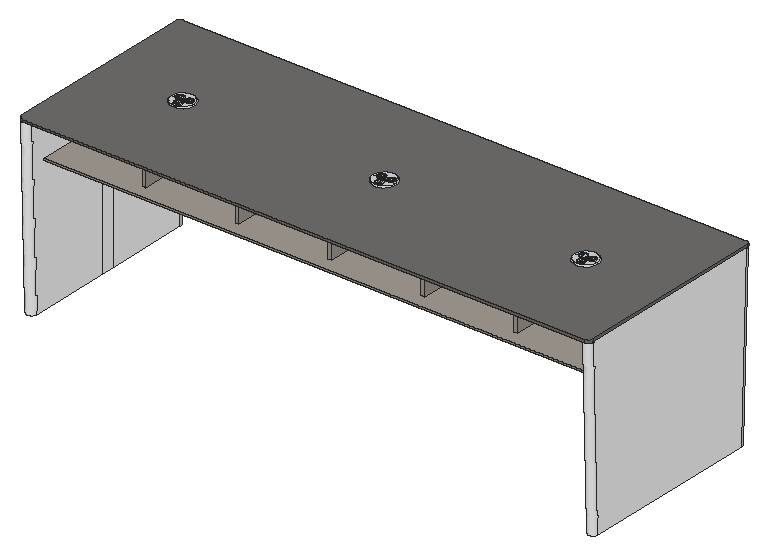
Revit family "Table-With_Shelf-Teknion-STCRT-Cavu_Parsons_Table-With_Power-R2014", category Furniture, Revit 2014 (continued)
Automatic sketch dimensions
  curve 167 to curve 198 = 0' - 0.50417"
  curve 202 to curve 201 = 0' - 0.12718"
  curve 201 to curve 202 = 0' - 0.12718"
  curve 169 to curve 172 = 0' - 0.34303"
  curve 202 to curve 201 = 0' - 0.09043"
  curve 163 to curve 164 = 0' - 0"  (x2)
  curve 163 to curve 166 = 0' - 0"  (x2)
  curve 164 to curve 165 = 0' - 0"  (x2)
  curve 164 to curve 166 = 0' - 0"  (x2)
  curve 165 to curve 166 = 0' - 0"  (x2)
  curve 167 to curve 168 = 0' - 0"  (x2)
  curve 169 to curve 170 = 0' - 0"  (x2)
  curve 169 to curve 174 = 0' - 0"  (x2)
  curve 170 to curve 173 = 0' - 0"  (x2)
  curve 170 to curve 174 = 0' - 0"  (x2)
  curve 171 to curve 172 = 0' - 0"  (x2)
  curve 173 to curve 174 = 0' - 0"  (x2)
Nested families (in)
  nested 1: "Electrical_Fixture-Teknion-Cover" at (-42, 0, 37), type "Electrical_Fixture-Teknion-Cover"
  nested 2: "Electrical_Fixture-Teknion-Cover" at (42, 0, 37), type "Electrical_Fixture-Teknion-Cover"
  nested 3: "Electrical_Fixture-Teknion-Cover" at (0, 0, 37), type "Electrical_Fixture-Teknion-Cover"
Connectors (in)
  electrical at (-42.00472, 0, 37), driven by "Number of Poles", driven by "Voltage", driven by "Power Factor", driven by "Connector Description"
    settings: on nested 1, index 1, voltage 125 V, apparent load 0 VA, apparent load phase1 1250 VA, apparent load phase2 0 VA, apparent load phase3 0 VA, power factor 1, load classification "Other", number of poles 1, system type 31, power factor state 1, is connector primary yes, connector utility no, sub classification motor no, connector description "Parsons Table Power & USB"
Definition of nested family "Electrical_Fixture-Teknion-Cover"
  Parameters (values of type "Electrical_Fixture-Teknion-Cover")
    URL = "www.teknionstudio.com"
    Power Finish = none
    Model = "Eclypse"  # constant formula
    Manufacturer = "Byrne Electrics"  # constant formula
    Description = "2 x 15A Outlets 2 x USB Charging Outlets"
  Reference planes (in)
    plane 1 "Center (Front/Back)": y = 0
    plane 2: z = 0
    plane 3 "Center (Left/Right)": x = 0
  Forms (in)
    Extrusion 1, void
      sketch origin (-0.00826, -0.01123, 0) x (-1, 0, 0) y (0, -1, 0)
        loop
          circle (0, 1.1475) r 0.75
        loop
          circle (-0.965, -0.5225) r 0.75
        loop
          circle (0.965, -0.5225) r 0.75
        loop
          circle (0.965, -0.5225) r 0.79676
        loop
          circle (-0.965, -0.5225) r 0.79021
        loop
          circle (0, 1.1475) r 0.79334
        loop
          line (-0.62289, -0.79127) -> (-0.62289, -0.24127) -> (-0.82289, -0.24127) -> (-0.82289, -0.79127) -> (-0.62289, -0.79127)
        loop
          line (-1.30711, -0.79127) -> (-1.10711, -0.79127) -> (-1.10711, -0.24127) -> (-1.30711, -0.24127) -> (-1.30711, -0.79127)
        loop
          line (0.13917, 0.73111) -> (0.28917, 0.73111) -> (0.28917, 1.28111) -> (0.13917, 1.28111) -> (0.13917, 0.73111)
        loop
          line (-0.13917, 0.73111) -> (-0.13917, 1.28111) -> (-0.28917, 1.28111) -> (-0.28917, 0.73111) -> (-0.13917, 0.73111)
        loop
          arc (-0.12718, 1.67543) -> (0, 1.42895) -> (0.12718, 1.67543) r 0.15605
          arc (0.12718, 1.67543) -> (0, 1.685) -> (-0.12718, 1.67543) r 0.85
        loop
          line (0.58642, -0.26707) -> (1.1189, -0.40478) -> (1.15646, -0.25956) -> (0.62397, -0.12185) -> (0.58642, -0.26707)
        loop
          line (0.51673, -0.53654) -> (0.47917, -0.68176) -> (1.01165, -0.81947) -> (1.04921, -0.67425) -> (0.51673, -0.53654)
        loop
          arc (1.43397, -0.76137) -> (1.47508, -0.64064) -> (1.49766, -0.51512) r 0.85
          arc (1.49766, -0.51512) -> (1.22718, -0.57653) -> (1.43397, -0.76137) r 0.15605
      from 0 to 1
    Revolve 2, solid, material <- "Power Finish"
      sketch origin (0, 0, 0) x (1, 0, 0) y (0, 0, 1)
        loop
          line (0, 0) -> (2.44, 0) -> (2.33069, 0.18932) -> (0, 0.18932) -> (0, 0)
        axis (0, 0.18932) -> (0, 0)
      angle from 0 to 360
  Cuts and joins
    Extrusion 1 cuts Revolve 2
  Lines and regions (in)
    Masking region 1
      outline origin (0, 0, 0) x (1, 0, 0) y (0, 1, 0)
        loop
          circle (0, 0) r 2.44
    symbolic lines, detail levels medium+fine
      curve 1: arc (-0.1765, 0.51127, 0) -> (-0.97326, 1.30803, 0) -> (-1.77002, 0.51127, 0) r 0.79676
      curve 2: arc (-1.77002, 0.51127, 0) -> (-0.97326, -0.28549, 0) -> (-0.1765, 0.51127, 0) r 0.79676
      curve 3: arc (0.78508, -1.15873, 0) -> (-0.00826, -0.3654, 0) -> (-0.8016, -1.15873, 0) r 0.79334
      curve 4: arc (-0.8016, -1.15873, 0) -> (-0.00826, -1.95207, 0) -> (0.78508, -1.15873, 0) r 0.79334
      curve 5: arc (1.74695, 0.51127, 0) -> (0.95674, 1.30147, 0) -> (0.16653, 0.51127, 0) r 0.79021
      curve 6: arc (0.16653, 0.51127, 0) -> (0.95674, -0.27894, 0) -> (1.74695, 0.51127, 0) r 0.79021
      curve 7: arc (-1.72326, 0.51127, 0) -> (-0.97326, 1.26127, 0) -> (-0.22326, 0.51127, 0) r 0.75
      curve 8: arc (-0.22326, 0.51127, 0) -> (-0.97326, -0.23873, 0) -> (-1.72326, 0.51127, 0) r 0.75
      curve 9: arc (-0.75826, -1.15873, 0) -> (-0.00826, -0.40873, 0) -> (0.74174, -1.15873, 0) r 0.75
      curve 10: arc (0.74174, -1.15873, 0) -> (-0.00826, -1.90873, 0) -> (-0.75826, -1.15873, 0) r 0.75
      curve 11: arc (0.20674, 0.51127, 0) -> (0.95674, 1.26127, 0) -> (1.70674, 0.51127, 0) r 0.75
      curve 12: arc (1.70674, 0.51127, 0) -> (0.95674, -0.23873, 0) -> (0.20674, 0.51127, 0) r 0.75
      curve 13: arc (-2.33069, 0, 0) -> (0, 2.33069, 0) -> (2.33069, 0, 0) r 2.33069
      curve 14: arc (2.33069, 0, 0) -> (0, -2.33069, 0) -> (-2.33069, 0, 0) r 2.33069
    symbolic lines, detail levels fine
      curve 15: arc (-1.44223, 0.75014, 0) -> (-1.23544, 0.5653, 0) -> (-1.50592, 0.50389, 0) r 0.15605
      curve 16: arc (-1.50592, 0.50389, 0) -> (-1.48334, 0.62941, 0) -> (-1.44223, 0.75014, 0) r 0.85
      curve 17: line (-1.12716, 0.39355, 0) -> (-0.59468, 0.25584, 0)
      curve 18: line (-0.59468, 0.25584, 0) -> (-0.63223, 0.11062, 0)
      curve 19: line (-0.63223, 0.11062, 0) -> (-1.16471, 0.24832, 0)
      curve 20: line (-1.16471, 0.24832, 0) -> (-1.12716, 0.39355, 0)
      curve 21: line (-0.52499, 0.52531, 0) -> (-1.05747, 0.66301, 0)
      curve 22: line (-1.05747, 0.66301, 0) -> (-1.01991, 0.80824, 0)
      curve 23: line (-1.01991, 0.80824, 0) -> (-0.48743, 0.67053, 0)
      curve 24: line (-0.48743, 0.67053, 0) -> (-0.52499, 0.52531, 0)
      curve 25: line (0.61464, 0.78004, 0) -> (0.81464, 0.78004, 0)
      curve 26: line (0.81464, 0.78004, 0) -> (0.81464, 0.23004, 0)
      curve 27: line (0.81464, 0.23004, 0) -> (0.61464, 0.23004, 0)
      curve 28: line (0.61464, 0.23004, 0) -> (0.61464, 0.78004, 0)
      curve 29: line (1.09885, 0.78004, 0) -> (1.29885, 0.78004, 0)
      curve 30: line (1.29885, 0.78004, 0) -> (1.29885, 0.23004, 0)
      curve 31: line (1.29885, 0.23004, 0) -> (1.09885, 0.23004, 0)
      curve 32: line (1.09885, 0.23004, 0) -> (1.09885, 0.78004, 0)
      curve 33: line (0.28091, -0.74234, 0) -> (0.28091, -1.29234, 0)
      curve 34: line (0.28091, -1.29234, 0) -> (0.13091, -1.29234, 0)
      curve 35: line (0.13091, -1.29234, 0) -> (0.13091, -0.74234, 0)
      curve 36: line (0.13091, -0.74234, 0) -> (0.28091, -0.74234, 0)
      curve 37: line (-0.14743, -1.29234, 0) -> (-0.14743, -0.74234, 0)
      curve 38: line (-0.14743, -0.74234, 0) -> (-0.29743, -0.74234, 0)
      curve 39: line (-0.29743, -0.74234, 0) -> (-0.29743, -1.29234, 0)
      curve 40: line (-0.29743, -1.29234, 0) -> (-0.14743, -1.29234, 0)
      curve 41: arc (-0.13543, -1.68667, 0) -> (-0.00826, -1.44018, 0) -> (0.11892, -1.68667, 0) r 0.15605
      curve 42: arc (0.11892, -1.68667, 0) -> (-0.00826, -1.69623, 0) -> (-0.13543, -1.68667, 0) r 0.85
  Dimensions and locks (in)
    locked: Extrusion 1 sketch curve to Extrusion 1 sketch curve at 1.92876  (x2)
    Extrusion 1 sketch curve to Extrusion 1 sketch curve = 0' - 1.93"
    locked: Extrusion 1 sketch curve to Extrusion 1 sketch curve at 0.2  (x2)
    locked: Extrusion 1 sketch curve to Extrusion 1 sketch curve at 0.55  (x6)
    Extrusion 1 sketch curve to Extrusion 1 sketch curve to Extrusion 1 sketch curve = 0' - 0.34211" locked, 0' - 0.34211" locked
    locked: Extrusion 1 sketch curve to Extrusion 1 sketch curve at 0.15  (x4)
    Extrusion 1 sketch curve to Extrusion 1 sketch curve = 0' - 0.57833"  (x2)
    locked: Revolve 2 sketch curve to plane 3 "Center (Left/Right)" at 2.44
    locked: plane 2 to Revolve 2 sketch curve (angle 120.00°)
    aligned and locked: level to plane 2
    aligned and locked: Revolve 2 sketch curve to plane 3 "Center (Left/Right)"  (x2)
    aligned and locked: Revolve 2 sketch curve to level
    aligned and locked: curve 1 to cut or joined group of Extrusion 1, Revolve 2
    aligned and locked: curve 2 to cut or joined group of Extrusion 1, Revolve 2
    aligned and locked: curve 3 to cut or joined group of Extrusion 1, Revolve 2
    aligned and locked: curve 4 to cut or joined group of Extrusion 1, Revolve 2
    aligned and locked: curve 5 to cut or joined group of Extrusion 1, Revolve 2
    aligned and locked: curve 6 to cut or joined group of Extrusion 1, Revolve 2
    aligned and locked: curve 7 to cut or joined group of Extrusion 1, Revolve 2
    aligned and locked: curve 8 to cut or joined group of Extrusion 1, Revolve 2
    aligned and locked: curve 9 to cut or joined group of Extrusion 1, Revolve 2
    aligned and locked: curve 10 to cut or joined group of Extrusion 1, Revolve 2
    aligned and locked: curve 11 to cut or joined group of Extrusion 1, Revolve 2
    aligned and locked: curve 12 to cut or joined group of Extrusion 1, Revolve 2
    aligned and locked: curve 13 to cut or joined group of Extrusion 1, Revolve 2
    aligned and locked: curve 14 to cut or joined group of Extrusion 1, Revolve 2
    aligned and locked: curve 15 to cut or joined group of Extrusion 1, Revolve 2
    aligned and locked: curve 16 to cut or joined group of Extrusion 1, Revolve 2
    aligned and locked: curve 17 to cut or joined group of Extrusion 1, Revolve 2
    aligned and locked: curve 18 to cut or joined group of Extrusion 1, Revolve 2
    aligned and locked: curve 19 to cut or joined group of Extrusion 1, Revolve 2
    aligned and locked: curve 20 to cut or joined group of Extrusion 1, Revolve 2
    aligned and locked: curve 21 to cut or joined group of Extrusion 1, Revolve 2
    aligned and locked: curve 22 to cut or joined group of Extrusion 1, Revolve 2
    aligned and locked: curve 23 to cut or joined group of Extrusion 1, Revolve 2
    aligned and locked: curve 24 to cut or joined group of Extrusion 1, Revolve 2
    aligned and locked: curve 25 to cut or joined group of Extrusion 1, Revolve 2
    aligned and locked: curve 26 to cut or joined group of Extrusion 1, Revolve 2
    aligned and locked: curve 27 to cut or joined group of Extrusion 1, Revolve 2
    aligned and locked: curve 28 to cut or joined group of Extrusion 1, Revolve 2
    aligned and locked: curve 29 to cut or joined group of Extrusion 1, Revolve 2
    aligned and locked: curve 30 to cut or joined group of Extrusion 1, Revolve 2
    aligned and locked: curve 31 to cut or joined group of Extrusion 1, Revolve 2
    aligned and locked: curve 32 to cut or joined group of Extrusion 1, Revolve 2
    aligned and locked: curve 33 to cut or joined group of Extrusion 1, Revolve 2
    aligned and locked: curve 34 to cut or joined group of Extrusion 1, Revolve 2
    aligned and locked: curve 35 to cut or joined group of Extrusion 1, Revolve 2
    aligned and locked: curve 36 to cut or joined group of Extrusion 1, Revolve 2
    aligned and locked: curve 37 to cut or joined group of Extrusion 1, Revolve 2
    aligned and locked: curve 38 to cut or joined group of Extrusion 1, Revolve 2
    aligned and locked: curve 39 to cut or joined group of Extrusion 1, Revolve 2
    aligned and locked: curve 40 to cut or joined group of Extrusion 1, Revolve 2
    aligned and locked: curve 41 to cut or joined group of Extrusion 1, Revolve 2
    aligned and locked: curve 42 to cut or joined group of Extrusion 1, Revolve 2
    aligned and locked: Masking region 1 sketch curve to cut or joined group of Extrusion 1, Revolve 2  (x2)
Types (13): name | Width | Shelf Offset | Shelf Depth | Second Shelf Visible | Power Finish | Offset Second Shelf | Offset First Shelf | Nunmer of shelves | Number of Outlets | Model | Manufacturer Email | Leg grommet offset | Leg Offset Side B | Height | Gable Offset | Double Shelf | Description | Depth
  (no name) | 9' - 11" | 1' - 8 57/128" | 1' - 4 1/4" | yes | Paint - StudioTK - 7Y - Storm_White_Coordinate | 1' - 6 121/128" | 3' - 2 33/128" | 5 | 3 | "STCRT1194237SN" | "" | 1' - 5 1/2" | 0' - 2 5/16" | 3' - 1" | 1' - 5 1/2" | yes | "Cavu Parsons Table, 119\"W / 302cm, 42\"D / 107cm, 37\"H / 94cm, With Shelf, Without Power" | 3' - 6"
  72" w x 24" d x 37" h | 6' - 0" | 1' - 6 21/32" | 1' - 2 3/4" | no | Paint - StudioTK - 7Y - Storm_White_Coordinate | 0' - 9 9/128" | 1' - 4 157/256" | 3 | 2 | "STCRT722437SN" | "" | 0' - 3" | 0' - 1 1/16" | 3' - 1" | 1' - 3 1/2" | no | "Cavu Parsons Table, 72\"W / 183cm, 24\"D / 61cm, 37\"H / 94cm, With Shelf, Without Power" | 2' - 0"
  72" w x 24" d x 43" h | 6' - 0" | 1' - 6 21/32" | 1' - 2 3/4" | no | none | 0' - 9 9/128" | 1' - 4 157/256" | 3 | 2 | "STCRT722443SN" | "" | 0' - 3" | 0' - 1 1/16" | 3' - 7" | 1' - 3 1/2" | no | "Cavu Parsons Table, 72\"W / 183cm, 24\"D / 61cm, 43\"H / 109cm, With Shelf, Without Power" | 2' - 0"
  72" w x 42" d x 37" h | 6' - 0" | 1' - 6 21/32" | 1' - 4 1/4" | yes | none | 0' - 9 9/128" | 1' - 4 157/256" | 3 | 2 | "STCRT724237SN" | "" | 1' - 5 1/2" | 0' - 2 5/16" | 3' - 1" | 1' - 5 1/2" | yes | "Cavu Parsons Table, 72\"W / 183cm, 42\"D / 107cm, 37\"H / 94cm, With Shelf, Without Power" | 3' - 6"
  72" w x 42" d x 43" h | 6' - 0" | 1' - 6 21/32" | 1' - 4 1/4" | yes | none | 0' - 9 9/128" | 1' - 4 157/256" | 3 | 2 | "STCRT724243SN" | "" | 1' - 5 1/2" | 0' - 2 5/16" | 3' - 7" | 1' - 5 1/2" | yes | "Cavu Parsons Table, 72\"W / 183cm, 42\"D / 107cm, 43\"H / 109cm, With Shelf, Without Power" | 3' - 6"
  95" w x 24" d x 37" h | 7' - 11" | 1' - 7 35/64" | 1' - 2 3/4" | no | none | 0' - 9 9/128" | 2' - 3 13/64" | 4 | 3 | "STCRT952437SN" | "" | 0' - 3" | 0' - 1 1/16" | 3' - 1" | 1' - 3 1/2" | no | "Cavu Parsons Table, 95\"W / 241cm, 24\"D / 61cm, 37\"H / 94cm, With Shelf, Without Power" | 2' - 0"
  95" w x 24" d x 43" h | 7' - 11" | 1' - 7 35/64" | 1' - 2 3/4" | no | none | 0' - 9 9/128" | 2' - 3 13/64" | 4 | 3 | "STCRT952443SN" | "" | 0' - 3" | 0' - 1 1/16" | 3' - 7" | 1' - 3 1/2" | no | "Cavu Parsons Table, 95\"W / 241cm, 24\"D / 61cm, 43\"H / 109cm, With Shelf, Without Power" | 2' - 0"
  95" w x 42" d x 37" h | 7' - 11" | 1' - 7 35/64" | 1' - 4 1/4" | yes | none | 0' - 9 9/128" | 2' - 3 13/64" | 4 | 3 | "STCRT954237SN" | "" | 1' - 5 1/2" | 0' - 2 5/16" | 3' - 1" | 1' - 5 1/2" | yes | "Cavu Parsons Table, 95\"W / 241cm, 42\"D / 107cm, 37\"H / 94cm, With Shelf, Without Power" | 3' - 6"
  95" w x 42" d x 43" h | 7' - 11" | 1' - 7 35/64" | 1' - 4 1/4" | yes | none | 0' - 9 9/128" | 2' - 3 13/64" | 4 | 3 | "STCRT954243SN" | "" | 1' - 5 1/2" | 0' - 2 5/16" | 3' - 7" | 1' - 5 1/2" | yes | "Cavu Parsons Table, 95\"W / 241cm, 42\"D / 107cm, 43\"H / 109cm, With Shelf, Without Power" | 3' - 6"
  119" w x 24" d x 37" h | 9' - 11" | 1' - 8 57/128" | 1' - 2 3/4" | no | Paint - StudioTK - 7Y - Storm_White_Coordinate | 1' - 6 121/128" | 3' - 2 33/128" | 5 | 3 | "STCRT1192437SN" | "customersupport@teknionstudio.com" | 0' - 3" | 0' - 1 1/16" | 3' - 1" | 1' - 3 1/2" | no | "Cavu Parsons Table, 119\"W / 302cm, 24\"D / 61cm, 37\"H / 94cm, With Shelf, Without Power" | 2' - 0"
  119" w x 24" d x 43" h | 9' - 11" | 1' - 8 57/128" | 1' - 2 3/4" | no | none | 1' - 6 121/128" | 3' - 2 33/128" | 5 | 3 | "STCRT1192443SN" | "" | 0' - 3" | 0' - 1 1/16" | 3' - 7" | 1' - 3 1/2" | no | "Cavu Parsons Table, 119\"W / 302cm, 24\"D / 61cm, 43\"H / 109cm, With Shelf, Without Power" | 2' - 0"
  119" w x 42" d x 37" h | 9' - 11" | 1' - 8 57/128" | 1' - 4 1/4" | yes | Paint - StudioTK - 7Y - Storm_White_Coordinate | 1' - 6 121/128" | 3' - 2 33/128" | 5 | 3 | "STCRT1194237SN" | "" | 1' - 5 1/2" | 0' - 2 5/16" | 3' - 1" | 1' - 5 1/2" | yes | "Cavu Parsons Table, 119\"W / 302cm, 42\"D / 107cm, 37\"H / 94cm, With Shelf, Without Power" | 3' - 6"
  119" w x 42" d x 43" h | 9' - 11" | 1' - 8 57/128" | 1' - 4 1/4" | yes | Paint - StudioTK - 7Y - Storm_White_Coordinate | 1' - 6 121/128" | 3' - 2 33/128" | 5 | 3 | "STCRT1194243SN" | "" | 1' - 5 1/2" | 0' - 2 5/16" | 3' - 7" | 1' - 5 1/2" | yes | "Cavu Parsons Table, 119\"W / 302cm, 42\"D / 107cm, 43\"H / 109cm, With Shelf, Without Power" | 3' - 6"
